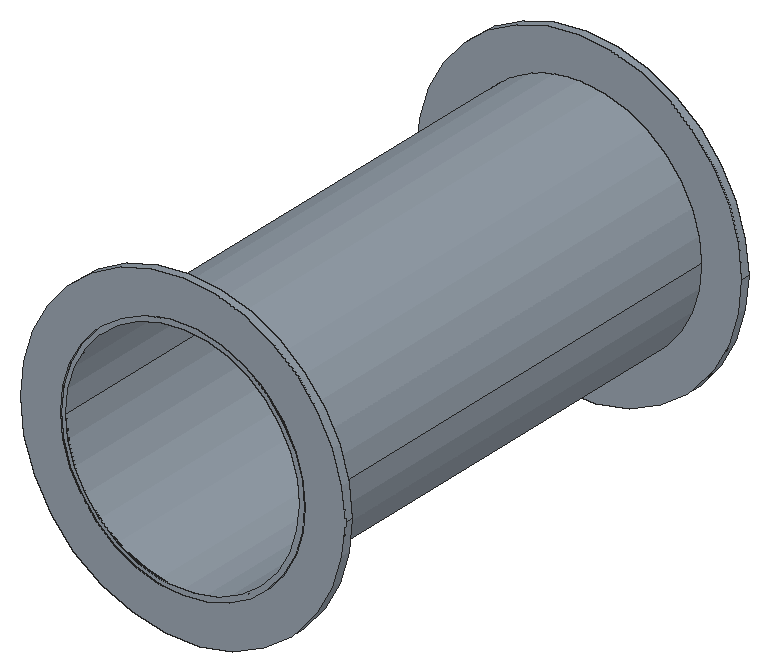
Revit family "圆形风管套管-带密闭肋", category 风管管件, Revit 2020
Family settings
  圆形连接件大小 = 使用直径
  零件类型 = 多个端口
  基于工作平面 = 否
  总是垂直 = 是
  加载时剪切的空心 = 是
  共享 = 否
Parameters (values of type "直径+50")
  默认高程 = 0 mm
  系统缩写 [instance] = ""
  穿管长度 [instance] = 300 mm
  穿管管径 [instance] = 100 mm
  洞口类型 [instance] = ""
  材质 = 银漆钢
  底部标高BL [instance] = 中心标高CL - 套管外径 / 2  # -75 mm
  密闭肋外径 [instance] = 套管外径 + 50 mm  # 200 mm
  密闭肋厚度 [instance] = 5 mm
  套管长度 [instance] = 穿管长度 + 外伸长度 + 内伸长度  # 300 mm
  套管外径 [instance] = 穿管管径 + 外扩尺寸  # 150 mm
  套管壁厚 [instance] = 3 mm
  套管内径 [instance] = 套管外径 - 套管壁厚 * 2  # 144 mm
  外扩尺寸 = 50 mm
  外伸长度 = 0 mm
  内伸长度 = 0 mm
  built-in parameter 1114242 [instance] = (empty or 0)
  中心标高CL [instance] = 0 mm
Types (4, lengths in mm): name | 底部标高BL | 密闭肋外径 | 套管外径 | 套管内径 | 外扩尺寸
  直径+100 | -100 | 250 | 200 | 194 | 100
  直径+50 | -75 | 200 | 150 | 144 | 50
  直径+150 | -125 | 300 | 250 | 244 | 150
  直径+200 | -150 | 350 | 300 | 294 | 200
Reference planes
  plane 1 "中心(前/后)": y = 0
  plane 2: z = 0
  plane 3 "中心(左/右)": x = 0
  plane 4: z = 0
  plane 5: y = -150
  plane 6: y = 150
  plane 7 "前": y = -150
  plane 8 "后": y = 150
  plane 9: x = -75
  plane 10: x = 75
  plane 11: y = 155
  plane 12: y = -155
  plane 13: x = -100
  plane 14: x = 100
  plane 15: z = 75
  plane 16: z = -75
  plane 17: z = 100
  plane 18: z = -100
Forms (mm)
  Sweep 1, void
    path in 3D
      loop
        line (0, -155, 0) -> (0, 155, 0)
    profile origin (0, 0, 0) x (-1, 0, 0) y (0, 0, 1)
      loop
        circle (0, 0) r 75
  Sweep 2, solid, material "银漆钢" <- "材质", detail levels fine
    path in 3D
      loop
        line (0, -155, 0) -> (0, 155, 0)
    profile origin (0, 0, 0) x (-1, 0, 0) y (0, 0, 1)
      loop
        circle (0, 0) r 75
      loop
        circle (0, 0) r 72
  Sweep 3, solid, material "银漆钢" <- "材质", detail levels fine
    path origin (0, 0, 0) x (1, 0, 0) y (0, 1, 0)
      loop
        line (0, 155) -> (0, 150)
    profile origin (0, 152.5, 0) x (1, 0, 0) y (0, 0, 1)
      loop
        circle (0, 0) r 75
      loop
        circle (0, 0) r 100
  Sweep 4, solid, material "银漆钢" <- "材质", detail levels fine
    path origin (0, 0, 0) x (1, 0, 0) y (0, 1, 0)
      loop
        line (0, -150) -> (0, -155)
    profile origin (0, -152.5, 0) x (1, 0, 0) y (0, 0, 1)
      loop
        circle (0, 0) r 75
      loop
        circle (0, 0) r 100
Lines and regions (mm)
  reference lines
    curve 1: line (0, -155, 0) -> (0, 155, 0)
  sketch lines
    curve 2: line (0, -155, 0) -> (0, 155, 0)
    curve 3: line (0, -155, 0) -> (0, 155, 0)
  model lines, style "套管洞口二维", detail levels coarse+medium
    curve 4: line (-75, 150, 0) -> (-75, -150, 0)
    curve 5: line (75, 150, 0) -> (75, -150, 0)
    curve 6: line (-75, 150, 0) -> (-100, 150, 0)
    curve 7: line (-75, -150, 0) -> (-100, -150, 0)
    curve 8: line (75, -150, 0) -> (100, -150, 0)
    curve 9: line (75, 150, 0) -> (100, 150, 0)
    curve 10: line (0, 150, 75) -> (0, -150, 75)
    curve 11: line (0, 150, -75) -> (0, -150, -75)
    curve 12: circle (0, -150, 0) r 75 normal (0, 1, 0)
    curve 13: circle (0, -150, 0) r 100 normal (0, 1, 0)
    curve 14: circle (0, 150, 0) r 75 normal (0, 1, 0)
    curve 15: circle (0, 150, 0) r 100 normal (0, 1, 0)
Dimensions and locks
  "内伸长度": plane 5 to plane 7 "前"
  equal spacing: plane 6, plane 1 "中心(前/后)", plane 5
  "穿管长度": plane 6 to plane 5
  "外伸长度": plane 8 "后" to plane 6
  equal spacing: plane 9, plane 3 "中心(左/右)", plane 10
  "套管外径": plane 9 to plane 10
  "密闭肋外径": plane 13 to plane 14
  equal spacing: plane 13, plane 3 "中心(左/右)", plane 14
  "密闭肋厚度": plane 11 to plane 8 "后"
  "密闭肋厚度": plane 7 "前" to plane 12
  equal spacing: plane 15, level, plane 16
  "套管外径": plane 15 to plane 16
  equal spacing: plane 17, level, plane 18
  "密闭肋外径": plane 17 to plane 18
  "套管外径": diameter of Sweep 1 sketch curve
  "套管外径": diameter of Sweep 2 sketch curve
  "套管内径": diameter of Sweep 2 sketch curve
  "套管外径": diameter of Sweep 3 sketch curve
  "密闭肋外径": diameter of Sweep 3 sketch curve
  "密闭肋外径": diameter of Sweep 4 sketch curve
  "套管外径": diameter of Sweep 4 sketch curve
  "套管外径": diameter of Sweep 4
  "密闭肋外径": diameter of Sweep 4
  "套管外径": diameter of curve 14
  "密闭肋外径": diameter of curve 15
  aligned and locked: plane 3 "中心(左/右)" to curve 1
  aligned and locked: curve 4 to plane 9
  aligned and locked: plane 8 "后" to curve 4
  aligned and locked: plane 7 "前" to curve 4
  aligned and locked: plane 8 "后" to curve 5
  aligned and locked: curve 5 to plane 10
  aligned and locked: plane 13 to curve 6
  aligned and locked: plane 13 to curve 7
  aligned and locked: plane 14 to curve 8
  aligned and locked: plane 14 to curve 9
  aligned and locked: plane 11 to curve 1
  aligned and locked: plane 12 to curve 1
  aligned and locked: plane 11 to Sweep 3 sketch curve
  aligned and locked: plane 8 "后" to Sweep 3 sketch curve
  aligned and locked: Sweep 3 sketch curve to plane 3 "中心(左/右)"
  aligned and locked: plane 7 "前" to Sweep 4 sketch curve
  aligned and locked: plane 12 to Sweep 4 sketch curve
  aligned and locked: Sweep 4 sketch curve to plane 3 "中心(左/右)"
  aligned and locked: curve 10 to plane 15
  aligned and locked: curve 11 to plane 16
Automatic sketch dimensions
  curve 8 to plane 7 "前" = 0 mm
  curve 10 to plane 7 "前" = 0 mm
  curve 11 to plane 7 "前" = 0 mm
  curve 10 to plane 6 = 0 mm
  curve 11 to plane 6 = 0 mm
  curve 12 to curve 13 = 0 mm  (x2)
  curve 13 to level = 0 mm
  curve 13 to plane 3 "中心(左/右)" = 0 mm
  Sweep 1 sketch curve to profile plane = 0 mm  (x2)
  Sweep 2 sketch curve to Sweep 2 sketch curve = 0 mm  (x2)
  Sweep 2 sketch curve to profile plane = 0 mm  (x2)
  Sweep 3 sketch curve to Sweep 3 sketch curve = 0 mm  (x2)
  Sweep 3 sketch curve to level = 0 mm
  profile plane to Sweep 3 sketch curve = 0 mm
  Sweep 4 sketch curve to Sweep 4 sketch curve = 0 mm  (x2)
  Sweep 4 sketch curve to level = 0 mm
  profile plane to Sweep 4 sketch curve = 0 mm
  curve 14 to curve 15 = 0 mm  (x2)
  curve 15 to level = 0 mm
  curve 15 to plane 3 "中心(左/右)" = 0 mm
  radius of curve 12 = 75 mm
  radius of curve 13 = 100 mm
